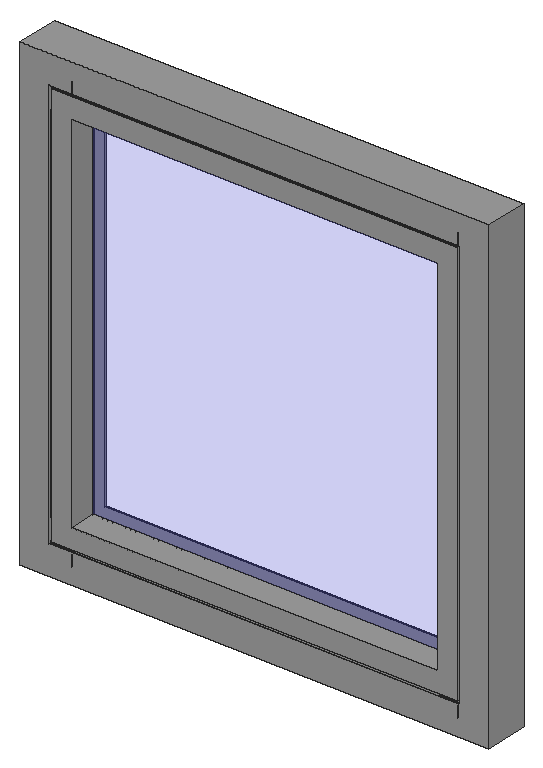
Revit family "3375 OP001_v02", category Windows, host Wall, Revit 2015
Parameters
  Wall Thickness [instance] = 0' - 6"
  URL = "obe.com"
  Rough Width = Width + 0' 0 1/2"  # 3' - 0 1/2"
  Rough Height = Height + 0' 0 1/2"  # 3' - 0 1/2"
  Offset Limitation [instance] = if((Offset + 0' 3 11/16") > Wall Thickness, (Wall Thickness - 0' 3 3/8"), Offset)  # 0' - 0"
  Offset [instance] = 0' - 0"
  Model = "3375 OP001"
  Manufacturer = "Oldcastle BuildingEnvelope®"
  Keynote = "08 51 00"
  Height = 3' - 0"
  Glass Material = Glass
  Gasket Material = Gasket
  Frame Material = Aluminum
  Description = "SIGNATURE SERIES 3375"
  Default Sill Height = 3' - 0"
  Wall Closure = By host
  Width = 3' - 0"
  Assembly Code = "B2020"
Reference planes (in)
  plane 1 "Center (Front/Back)": y = 0
  plane 2: z = 0
  plane 3 "Center (Left/Right)": x = 0
  plane 4 "Left": x = -18.25
  plane 5 "Right": x = 18.25
  plane 6 "Sill": z = 36
  plane 7 "Top": z = 72.5
  plane 8: x = 18
  plane 9: x = -18
  plane 10: z = 72.25
  plane 11: z = 36.25
  plane 12 "Offset": y = 3
  plane 13: z = 39.17769
  plane 14: z = 69.32231
  plane 15 "EXT": y = 2.84
Forms (in)
  Sweep 1, solid, material "Aluminum" <- "Frame Material"
    path origin (0, 3, 0) x (1, 0, 0) y (0, 0, 1)
      loop
        line (-18, 36) -> (-18, 72.5)
    profile origin (-18, 3, 54.25) x (-1, 0, 0) y (0, -1, 0)
      loop
        line (-2, 3.375) -> (-2, 3.305) -> (-1, 3.305) -> (-1, 0) -> (0.25, 0) -> (0.25, 3.375) -> (-2, 3.375)
  Sweep 2, solid, material "Aluminum" <- "Frame Material"
    path origin (0, 3, 0) x (1, 0, 0) y (0, 0, 1)
      loop
        line (18, 36) -> (18, 72.5)
    profile origin (18, 3, 54.25) x (-1, 0, 0) y (0, -1, 0)
      loop
        line (-0.25, 3.375) -> (-0.25, 0) -> (1, 0) -> (1, 3.305) -> (2, 3.305) -> (2, 3.375) -> (-0.25, 3.375)
  Sweep 3, solid, material "Aluminum" <- "Frame Material"
    path origin (0, 3, 0) x (1, 0, 0) y (0, 0, 1)
      loop
        line (-18.25, 36.25) -> (18.25, 36.25)
    profile origin (0, 3, 36.25) x (0, 0, 1) y (0, -1, 0)
      loop
        line (-0.25, 3.375) -> (-0.25, 0) -> (1, 0) -> (1, 3.305) -> (2, 3.305) -> (2, 3.375) -> (-0.25, 3.375)
  Sweep 4, solid, material "Aluminum" <- "Frame Material"
    path origin (0, 3, 0) x (1, 0, 0) y (0, 0, 1)
      loop
        line (18.25, 72.25) -> (-18.25, 72.25)
    profile origin (0, 3, 72.25) x (0, 0, -1) y (0, -1, 0)
      loop
        line (-0.25, 3.375) -> (-0.25, 0) -> (0.99869, 0) -> (0.99869, 3.30485) -> (2, 3.30485) -> (2, 3.375) -> (-0.25, 3.375)
  Extrusion 5, solid, material "Glass" <- "Glass Material"
    sketch origin (0, 0, 36) x (0, -1, 0) y (1, 0, 0)
      loop
        line (-2.84, -15.07231) -> (-1.84, -15.07231) -> (-1.84, 15.07231) -> (-2.84, 15.07231) -> (-2.84, -15.07231)
    from 3.17769 to 33.32231
  Sweep 6, solid, material "Gasket" <- "Gasket Material", detail levels fine
    path origin (0, 3, 0) x (1, 0, 0) y (0, 0, 1)
      loop
        line (18, 72.25) -> (-18, 72.25) -> (-18, 36.25) -> (18, 36.25) -> (18, 72.25)
    profile origin (0, 3, 72.25) x (0, 0, -1) y (0, -1, 0)
      loop
        line (3.51276, 1.16) -> (3.6381, 1.16)
        arc (3.6381, 1.16) -> (3.68902, 1.22251) -> (3.63811, 1.28504) r 0.06384
        line (3.63811, 1.28504) -> (3.51276, 1.28504)
        arc (3.51276, 1.28504) -> (3.4645, 1.22252) -> (3.51276, 1.16) r 0.06463
  Sweep 7, solid, material "Aluminum" <- "Frame Material"
    path origin (0, 3, 0) x (1, 0, 0) y (0, 0, 1)
      loop
        line (17.241, 72.25) -> (-17.241, 72.25)
    profile origin (0, 3, 72.25) x (0, 0, -1) y (0, -1, 0)
      loop
        line (0.759, -0.33) -> (2.55269, -0.33) -> (2.55269, 0) -> (3.74954, 0) -> (3.74954, 0.16) -> (2.92769, 0.16) -> (2.92769, 1.28504) -> (3.74954, 1.28504) -> (3.74954, 3.375) -> (2.18688, 3.375) -> (2.18688, 3.21497) -> (1.46757, 3.21497) -> (1.46757, -0.26503) -> (0.759, -0.26503) -> (0.759, -0.33)
  Sweep 8, solid, material "Aluminum" <- "Frame Material"
    path origin (0, 3, 0) x (1, 0, 0) y (0, 0, 1)
      loop
        line (17.241, 36.25) -> (-17.241, 36.25)
    profile origin (0, 3, 36.25) x (0, 0, -1) y (0, -1, 0)
      loop
        line (-0.759, -0.33) -> (-0.759, 0) -> (-1.46766, 0) -> (-1.46766, 3.215) -> (-2.18704, 3.215) -> (-2.18704, 3.375) -> (-3.74954, 3.375) -> (-3.74954, 1.28504) -> (-2.92769, 1.28504) -> (-2.92769, 0.16) -> (-3.74954, 0.16) -> (-3.74954, 0) -> (-2.55269, 0) -> (-2.55269, -0.33) -> (-0.759, -0.33)
  Sweep 9, solid, material "Aluminum" <- "Frame Material"
    path origin (0, 3, 0) x (1, 0, 0) y (0, 0, 1)
      loop
        line (18, 71.491) -> (18, 37.009)
    profile origin (18, 3, 54.25) x (0, -1, 0) y (1, 0, 0)
      loop
        line (3.375, -2.18704) -> (3.215, -2.18704) -> (3.215, -1.46766) -> (0, -1.46766) -> (0, -0.759) -> (-0.33, -0.759) -> (-0.33, -2.55269) -> (0, -2.55269) -> (0, -3.74954) -> (0.16, -3.74954) -> (0.16, -2.92769) -> (1.28504, -2.92769) -> (1.28504, -3.74954) -> (3.375, -3.74954) -> (3.375, -2.18704)
  Sweep 10, solid, material "Aluminum" <- "Frame Material"
    path origin (0, 3, 0) x (1, 0, 0) y (0, 0, 1)
      loop
        line (-18, 71.491) -> (-18, 37.009)
    profile origin (-18, 3, 54.25) x (0, -1, 0) y (1, 0, 0)
      loop
        line (1.28504, 3.74954) -> (1.28504, 2.92769) -> (0.16, 2.92769) -> (0.16, 3.74954) -> (0, 3.74954) -> (0, 2.55269) -> (-0.33, 2.55269) -> (-0.33, 0.759) -> (0, 0.759) -> (0, 1.46766) -> (3.215, 1.46766) -> (3.215, 2.18704) -> (3.375, 2.18704) -> (3.375, 3.74954) -> (1.28504, 3.74954)
  Sweep 11, void
    path origin (0, 3, 0) x (1, 0, 0) y (0, 0, 1)
      loop
        line (-16, 72.25) -> (16, 72.25)
    profile origin (0, 3, 72.25) x (0, 0, 1) y (0, -1, 0)
      loop
        line (-2, 3.375) -> (-2.18688, 3.375) -> (-2.18688, 3.21497) -> (-2, 3.21497) -> (-2, 3.375)
  Sweep 12, void
    path origin (0, 3, 0) x (1, 0, 0) y (0, 0, 1)
      loop
        line (-16, 36.25) -> (16, 36.25)
    profile origin (0, 3, 36.25) x (0, 0, 1) y (0, -1, 0)
      loop
        line (2.18704, 3.21497) -> (2.18704, 3.375) -> (2, 3.375) -> (2, 3.21497) -> (2.18704, 3.21497)
  Sweep 13, void
    path origin (0, 3, 0) x (1, 0, 0) y (0, 0, 1)
      loop
        line (-18, 38.25) -> (-18, 70.25)
    profile origin (-18, 3, 54.25) x (-1, 0, 0) y (0, -1, 0)
      loop
        line (-2, 3.375) -> (-2.18704, 3.375) -> (-2.18704, 3.21497) -> (-2, 3.21497) -> (-2, 3.375)
  Sweep 14, void
    path origin (0, 3, 0) x (1, 0, 0) y (0, 0, 1)
      loop
        line (18, 70.06312) -> (18, 38.43704)
    profile origin (18, 3, 54.25008) x (0, -1, 0) y (1, 0, 0)
      loop
        line (3.375, -2.18704) -> (3.375, -2) -> (3.21497, -2) -> (3.21497, -2.18704) -> (3.375, -2.18704)
Cuts and joins
  Sweep 11, Sweep 12, Sweep 13, Sweep 14 cuts Sweep 1
  Sweep 11, Sweep 12, Sweep 13, Sweep 14 cuts Sweep 2
  Sweep 11, Sweep 12, Sweep 13, Sweep 14 cuts Sweep 3
  Sweep 11, Sweep 12, Sweep 13, Sweep 14 cuts Sweep 4
  Sweep 11, Sweep 12, Sweep 13, Sweep 14 cuts Sweep 7
  Sweep 11, Sweep 12, Sweep 13, Sweep 14 cuts Sweep 8
  Sweep 11, Sweep 12, Sweep 13, Sweep 14 cuts Sweep 9
  Sweep 11, Sweep 12, Sweep 13, Sweep 14 cuts Sweep 10
  joined: Sweep 1, Sweep 2, Sweep 3, Sweep 4, Sweep 7, Sweep 8, Sweep 9, Sweep 10
Lines and regions (in)
  Opening 1
    outline origin (-60, -3, 0) x (1, 0, 0) y (0, 0, 1)
      loop
        line (41.75, 72.5) -> (41.75, 36) -> (78.25, 36) -> (78.25, 72.5) -> (41.75, 72.5)
  model lines, style "Opening Direction"
    curve 1: line (0, 2.84, 68.50046) -> (14.25046, 2.84, 39.99954)
    curve 2: line (-14.25046, 2.84, 39.99954) -> (0, 2.84, 68.50046)
Text (in)
  text "EXTERIOR" at (-58.6888, 50.90694, 0), in view "Ref. Level"
  text "INTERIOR" at (-58.6888, -37.76638, 0), in view "Ref. Level"
  text "Exterior" at (0, 43.65631, 123.19604), in view "Left"
  text "Exterior" at (0, 18.29385, 125.04747), in view "Right"
  text "Min Operable Size\n\n20\" width x 22\" height\n\n\n\nMax Operable Size\n\n48\" x 72\"\n\n\n\n\n\nOperable Width must be less than or equal to height" at (125.72791, 72.95779, 0), in view "Ref. Level"
Dimensions and locks (in)
  equal spacing: plane 4 "Left", plane 3 "Center (Left/Right)", plane 5 "Right"
  "Rough Height": plane 6 "Sill" to plane 7 "Top"
  "Default Sill Height": plane 2 to plane 6 "Sill"
  locked: plane 6 "Sill" to plane 11 at 0.25
  locked: plane 8 to plane 5 "Right" at 0.25
  "Height": plane 11 to plane 10
  "Offset Limitation": plane 12 "Offset" to host wall
  "Wall Thickness": host wall to host wall
  "Width": plane 9 to plane 8
  "Rough Width": plane 4 "Left" to plane 5 "Right"
  Extrusion 5 sketch curve to Extrusion 5 sketch curve to plane 12 "Offset" = 0' - 1" locked, 0' - 0.16" locked
  locked: plane 14 to plane 10 at 2.92769
  locked: plane 11 to plane 13 at 2.92769
  locked: plane 15 "EXT" to plane 12 "Offset" at 0.16
  aligned and locked: plane 7 "Top" to Opening 1 sketch curve
  aligned and locked: plane 6 "Sill" to Opening 1 sketch curve  (x2)
  aligned and locked: plane 5 "Right" to Opening 1 sketch curve
  aligned and locked: plane 4 "Left" to Opening 1 sketch curve
  aligned and locked: level to plane 2
  aligned and locked: Extrusion 5 to plane 14
  aligned and locked: plane 13 to Extrusion 5
  aligned and locked: plane 10 to Sweep 7 sketch curve
  aligned and locked: plane 11 to Sweep 8 sketch curve
  aligned and locked: Sweep 9 sketch curve to plane 8
  aligned and locked: Sweep 10 sketch curve to plane 9
  aligned and locked: plane 10 to Sweep 11 sketch curve
  aligned and locked: plane 11 to Sweep 12 sketch curve
  aligned and locked: Sweep 13 sketch curve to plane 9
  aligned and locked: plane 8 to Sweep 14 sketch curve
  aligned and locked: plane 3 "Center (Left/Right)" to curve 1
Automatic sketch dimensions
  Sweep 1 sketch curve to plane 7 "Top" = 0' - 0"
  plane 9 to Sweep 1 sketch curve = 0' - 0"
  Sweep 1 sketch curve to plane 6 "Sill" = 0' - 0"
  Sweep 1 sketch curve to profile plane = 0' - 0 1/4"
  Sweep 2 sketch curve to plane 7 "Top" = 0' - 0"
  plane 8 to Sweep 2 sketch curve = 0' - 0"
  Sweep 2 sketch curve to plane 6 "Sill" = 0' - 0"
  plane 12 "Offset" to Sweep 2 sketch curve = 0' - 0"
  plane 4 "Left" to Sweep 3 sketch curve = 0' - 0"
  plane 5 "Right" to Sweep 3 sketch curve = 0' - 0"
  Sweep 3 sketch curve to plane 11 = 0' - 0"
  profile plane to Sweep 3 sketch curve = 0' - 0 1/4"
  plane 4 "Left" to Sweep 4 sketch curve = 0' - 0"
  plane 5 "Right" to Sweep 4 sketch curve = 0' - 0"
  Sweep 4 sketch curve to plane 10 = 0' - 0"
  Extrusion 5 sketch curve to plane 9 = 0' - 2.92769"
  plane 8 to Extrusion 5 sketch curve = 0' - 2.92769"
  plane 9 to Sweep 6 sketch curve = 0' - 0"
  plane 8 to Sweep 6 sketch curve = 0' - 0"
  Sweep 6 sketch curve to plane 11 = 0' - 0"
  Sweep 6 sketch curve to plane 10 = 0' - 0"
  plane 12 "Offset" to Sweep 6 sketch curve = 0' - 1.28504"
  Sweep 6 sketch curve to profile plane = 0' - 3.51276"
  Sweep 6 sketch curve to Sweep 6 sketch curve = 0' - 0.01637"  (x2)
  Sweep 6 sketch curve to Sweep 6 sketch curve = 0' - 0.09604"
  Sweep 6 sketch curve to Sweep 6 sketch curve = 0' - 0.01294"
  Sweep 6 sketch curve to Sweep 6 sketch curve = 0' - 0 1/16"
  Sweep 6 sketch curve to Sweep 6 sketch curve = 0' - 0.01292"
  plane 12 "Offset" to Sweep 4 sketch curve = 0' - 0"
  profile plane to Sweep 4 sketch curve = 0' - 0 1/4"
  Sweep 4 sketch curve to Sweep 4 sketch curve = 0' - 3 3/8"
  Sweep 4 sketch curve to profile plane = 0' - 0.99869"
  Sweep 4 sketch curve to Sweep 4 sketch curve = 0' - 1.00131"
  Sweep 4 sketch curve to Sweep 4 sketch curve = 0' - 0.07016"
  Sweep 3 sketch curve to profile plane = 0' - 1"
  Sweep 3 sketch curve to Sweep 3 sketch curve = 0' - 1"
  plane 12 "Offset" to Sweep 3 sketch curve = 0' - 0"
  Sweep 3 sketch curve to Sweep 3 sketch curve = 0' - 3.305"
  Sweep 3 sketch curve to Sweep 3 sketch curve = 0' - 0.07"
  profile plane to Sweep 2 sketch curve = 0' - 0 1/4"
  Sweep 2 sketch curve to profile plane = 0' - 1"
  Sweep 2 sketch curve to Sweep 2 sketch curve = 0' - 1"
  Sweep 2 sketch curve to Sweep 2 sketch curve = 0' - 3.305"
  Sweep 2 sketch curve to Sweep 2 sketch curve = 0' - 0.07"
  plane 12 "Offset" to Sweep 1 sketch curve = 0' - 0"
  profile plane to Sweep 1 sketch curve = 0' - 1"
  Sweep 1 sketch curve to Sweep 1 sketch curve = 0' - 1"
  Sweep 1 sketch curve to Sweep 1 sketch curve = 0' - 3.305"
  Sweep 1 sketch curve to Sweep 1 sketch curve = 0' - 0.07"
  Sweep 7 sketch curve to plane 9 = 0' - 0.759"
  plane 8 to Sweep 7 sketch curve = 0' - 0.759"
  Sweep 7 sketch curve to plane 12 "Offset" = 0' - 0"
  Sweep 7 sketch curve to plane 12 "Offset" = 0' - 0.33"
  Sweep 7 sketch curve to profile plane = 0' - 0.759"
  Sweep 7 sketch curve to Sweep 7 sketch curve = 0' - 1.79369"
  Sweep 7 sketch curve to Sweep 7 sketch curve = 0' - 0 3/8"
  plane 12 "Offset" to Sweep 7 sketch curve = 0' - 0.16"
  Sweep 7 sketch curve to Sweep 7 sketch curve = 0' - 0.82185"
  Sweep 7 sketch curve to Sweep 7 sketch curve = 0' - 1.56266"
  Sweep 7 sketch curve to Sweep 7 sketch curve = 0' - 1.12504"
  Sweep 7 sketch curve to Sweep 7 sketch curve = 0' - 1.92993"
  Sweep 7 sketch curve to Sweep 7 sketch curve = 0' - 0.16003"
  Sweep 7 sketch curve to Sweep 7 sketch curve = 0' - 0.70857"
  Sweep 7 sketch curve to Sweep 7 sketch curve = 0' - 0.71931"
  Sweep 7 sketch curve to plane 12 "Offset" = 0' - 0.26503"
  Sweep 8 sketch curve to plane 9 = 0' - 0.759"
  plane 8 to Sweep 8 sketch curve = 0' - 0.759"
  Sweep 8 sketch curve to plane 12 "Offset" = 0' - 0.33"
  profile plane to Sweep 8 sketch curve = 0' - 0.759"
  Sweep 8 sketch curve to Sweep 8 sketch curve = 0' - 1.79369"
  plane 12 "Offset" to Sweep 8 sketch curve = 0' - 0"
  plane 12 "Offset" to Sweep 8 sketch curve = 0' - 0.16"
  Sweep 8 sketch curve to Sweep 8 sketch curve = 0' - 0 3/8"
  Sweep 8 sketch curve to Sweep 8 sketch curve = 0' - 1.12504"
  Sweep 8 sketch curve to Sweep 8 sketch curve = 0' - 2.08996"
  Sweep 8 sketch curve to Sweep 8 sketch curve = 0' - 0"
  Sweep 8 sketch curve to Sweep 8 sketch curve = 0' - 0.82185"
  Sweep 8 sketch curve to Sweep 8 sketch curve = 0' - 0.71938"
  Sweep 8 sketch curve to Sweep 8 sketch curve = 0' - 1.08503"
  Sweep 8 sketch curve to Sweep 8 sketch curve = 0' - 0.16"
  Sweep 8 sketch curve to plane 12 "Offset" = 0' - 0"
  Sweep 9 sketch curve to plane 11 = 0' - 0.759"
  plane 10 to Sweep 9 sketch curve = 0' - 0.759"
  plane 12 "Offset" to Sweep 9 sketch curve = 0' - 1.28504"
  Sweep 9 sketch curve to Sweep 9 sketch curve = 0' - 0.82185"
  Sweep 9 sketch curve to Sweep 9 sketch curve = 0' - 0"
  plane 12 "Offset" to Sweep 9 sketch curve = 0' - 0"  (x2)
  Sweep 9 sketch curve to Sweep 9 sketch curve = 0' - 0.16"  (x2)
  Sweep 9 sketch curve to plane 12 "Offset" = 0' - 0.33"
  Sweep 9 sketch curve to Sweep 9 sketch curve = 0' - 0 3/8"
  Sweep 9 sketch curve to Sweep 9 sketch curve = 0' - 3.215"
  Sweep 9 sketch curve to Sweep 9 sketch curve = 0' - 1.08503"
  profile plane to Sweep 9 sketch curve = 0' - 0.759"
  profile plane to Sweep 9 sketch curve = 0' - 1.46766"
  Sweep 9 sketch curve to Sweep 9 sketch curve = 0' - 1 9/16"
  Sweep 10 sketch curve to plane 11 = 0' - 0.759"
  plane 10 to Sweep 10 sketch curve = 0' - 0.759"
  Sweep 10 sketch curve to profile plane = 0' - 2.18704"
  plane 12 "Offset" to Sweep 10 sketch curve = 0' - 1.28504"
  Sweep 10 sketch curve to profile plane = 0' - 0.759"
  Sweep 10 sketch curve to Sweep 10 sketch curve = 0' - 3.215"
  Sweep 10 sketch curve to plane 12 "Offset" = 0' - 0.33"
  Sweep 10 sketch curve to Sweep 10 sketch curve = 0' - 0.70866"
  Sweep 10 sketch curve to Sweep 10 sketch curve = 0' - 1 9/16"
  plane 12 "Offset" to Sweep 10 sketch curve = 0' - 0.16"
  Sweep 10 sketch curve to Sweep 10 sketch curve = 0' - 0 3/8"
  Sweep 10 sketch curve to Sweep 10 sketch curve = 0' - 0.82185"  (x2)
  Sweep 10 sketch curve to Sweep 10 sketch curve = 0' - 0.16"
  plane 12 "Offset" to Sweep 10 sketch curve = 0' - 0"  (x2)
  Sweep 11 sketch curve to plane 9 = 0' - 2"
  plane 8 to Sweep 11 sketch curve = 0' - 2"
  profile plane to Sweep 11 sketch curve = 0' - 2.18688"
  Sweep 11 sketch curve to Sweep 11 sketch curve = 0' - 0.18689"
  plane 12 "Offset" to Sweep 11 sketch curve = 0' - 3.21497"
  Sweep 11 sketch curve to Sweep 11 sketch curve = 0' - 0.16003"
  Sweep 12 sketch curve to plane 9 = 0' - 2"
  plane 8 to Sweep 12 sketch curve = 0' - 2"
  Sweep 12 sketch curve to profile plane = 0' - 2"
  Sweep 12 sketch curve to Sweep 12 sketch curve = 0' - 0.18704"
  plane 12 "Offset" to Sweep 12 sketch curve = 0' - 3.21497"
  Sweep 12 sketch curve to Sweep 12 sketch curve = 0' - 0.16003"
  plane 13 to Sweep 13 sketch curve = 0' - 0.92769"
  plane 10 to Sweep 13 sketch curve = 0' - 2"
  profile plane to Sweep 13 sketch curve = 0' - 2.18704"
  Sweep 13 sketch curve to Sweep 13 sketch curve = 0' - 0.18704"
  plane 12 "Offset" to Sweep 13 sketch curve = 0' - 3.21497"
  Sweep 13 sketch curve to Sweep 13 sketch curve = 0' - 0.16003"
  Sweep 14 sketch curve to plane 11 = 0' - 2.18704"
  Sweep 14 sketch curve to plane 14 = 0' - 0.74081"
  plane 12 "Offset" to Sweep 14 sketch curve = 0' - 3.21497"
  Sweep 14 sketch curve to Sweep 14 sketch curve = 0' - 0.16003"
  profile plane to Sweep 14 sketch curve = 0' - 2.18704"
  Sweep 14 sketch curve to Sweep 14 sketch curve = 0' - 0.18704"
  curve 1 to plane 13 = 0' - 0.82185"
  curve 2 to plane 13 = 0' - 0.82185"
  curve 2 to plane 9 = 0' - 3.74954"
  plane 8 to curve 1 = 0' - 3.74954"
  plane 14 to curve 2 = 0' - 0.82185"
